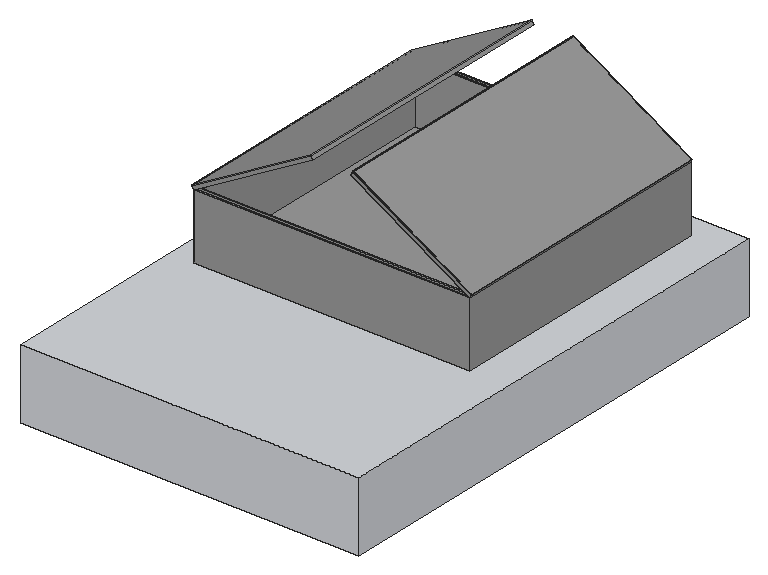
Revit family "Hager-Orion_Inox-IP55-D300-Cl.I-Inox_encl-630A-1200mm-CH-fr", category Equipement électrique, Revit 2020
Family settings
  Hôte = Face
  Configuration du panneau = Deux colonnes, circuits au sein
  Cote de connecteur circulaire = Utiliser le diamètre
  Type d'élément = Tableau de raccordement
  Couper avec des vides une fois chargée = Non
  Partagée = Non
  Point de calcul de pièce = Non
Parameters (values of type "saillie IP55 L1200 H1200 P300  - FL060BWL")
  Width Control [instance] = if([EF000008 - largeur] > Min Width, [EF000008 - largeur], Min Width)  # 1200 mm
  Commentaires du type = [HG000003 - Gamme]  # "Orion Inox"
  Thickness Door [instance] = if([EF009171 - épaisseur de matériau de la porte/du couvercle] > 3 mm, 3 mm, [EF009171 - épaisseur de matériau de la porte/du couvercle])  # 1.5 mm
  Seal Frame Offset [instance] = 17 mm  # constant formula
  Model = ""
  Min Width [instance] = 100 mm  # constant formula
  Min Height [instance] = 100 mm  # constant formula
  Min Depth [instance] = (2 * [EF009170 - épaisseur de matériau du boîtier]) + 1 mm  # 4 mm
  Internal Frame Depth [instance] = (Door System Depth * 0.5)  # 9 mm
  Height Control [instance] = if([EF000040 - hauteur] > Min Height, [EF000040 - hauteur], Min Height)  # 1200 mm
  HG000027 - Hauteur du socle = 0 mm
  HG000026 - Installation au sol = no
  HG000024 - Hauteur de la section basse = 800 mm
  HG000023 - Armoire double section = no
  HG000016 - Visibilité de la porte 3D [instance] = yes
  HG000015 - Visibilité de l'emprise de la porte [instance] = no
  HG000014 - Porte à droite [instance] = yes
  HG000013 - Porte à gauche [instance] = not([HG000014 - Porte à droite])  # no
  HG000012 - Angle de pivotement de la porte [instance] = 30.00°
  HG000010 - Portes asymétriques = no
  HG000009 - Porte à double battant = yes
  HG000006 - Encastré = no
  HG000004 - Référence fabricant = "FL060BWL"
  HG000003 - Gamme = "Orion Inox"
  HG000002 - avec porte = yes
  Frame Offset Bottom [instance] = 10 mm  # constant formula
  Frame Offset [instance] = 15 mm  # constant formula
  EF015940 - couvercle avec décharge de pression = no
  EF011959 - degré de protection (NEMA) = ""
  EF009554 - nombre d'ouvertures pour plaques à bride = 0
  Fabricant = "Hager"  # constant formula
  EF009212 - finition du couvercle = "EV000116 - fermé"
  EF009171 - épaisseur de matériau de la porte/du couvercle = 1.5 mm
  EF009170 - épaisseur de matériau du boîtier = 1.5 mm
  EF008873 - courant nominal (In) = 630 A
  EF007800 - adapté à un parafoudre = no
  EF006306 - avec serrure = yes
  EF006244 - couvercle/porte transparent(e) = no
  EF005474 - indice de protection (IP) = "EV006420 - IP55"
  EF004464 - type de porte = "EV003602 - double"
  EF004427 - nombre de modules = 0
  EF004293 - indice de protection contre les chocs (IK) = "EV008784 - IK10"
  EF003532 - convient pour utilisation à l’extérieur = yes
  EF002950 - largeur en nombre de modules = 0
  EF001613 - maintien de fonction = "EV000494 - sans"
  EF001596 - matériau du boîtier/corps = "EV000166 - acier inoxydable"
  EF001131 - profondeur intérieure = 266 mm
  EF001088 - possibilité de montage en saillie = yes
  EF000437 - nombre d'entrées de conduit = 0
  EF000339 - type de capot = "EV004216 - porte"
  EF000266 - nombre de rangées = 0
  EF000218 - profondeur d'encastrement = 0 mm
  EF000118 - avec cadre/support de montage = no
  EF000116 - numéro RAL = ""
  EF000049 - profondeur = 300 mm
  EF000040 - hauteur = 1200 mm
  EF000008 - largeur = 1200 mm
  EF000007 - couleur = "EV000154 - autre"
  EF000003 - mode de pose = "EV000384 - saillie"
  Door System Leaf Tolerance [instance] = 1.5 mm  # constant formula
  Door System Depth [instance] = 18 mm  # constant formula
  Depth Control [instance] = if([EF000049 - profondeur] > Min Depth, [EF000049 - profondeur], Min Depth)  # 300 mm
  Default Elevation = 0 mm
Types (4, lengths in mm): name | Width Control | HG000004 - Référence fabricant | EF000008 - largeur
  saillie IP55 L1000 H1200 P300  - FL058BW | 1000 | "FL058BW" | 1000
  saillie IP55 L1000 H1200 P300  - FL058BWL | 1000 | "FL058BWL" | 1000
  saillie IP55 L1200 H1200 P300  - FL060BW | 1200 | "FL060BW" | 1200
  saillie IP55 L1200 H1200 P300  - FL060BWL | 1200 | "FL060BWL" | 1200
Reference planes
  plane 1 "Center (Front/Back)": y = 0
  plane 2: z = 0
  plane 3 "Center (Left/Right)": x = 0
  plane 4: z = 300
  plane 5: y = 1.5
  plane 6: y = 600
  plane 7: y = 0
  plane 8: y = 1200
  plane 9: z = 0
  plane 10: x = -585
  plane 11: x = 585
  plane 12: x = 583.5
  plane 13: x = -583.5
  plane 14: y = 1198.5
  plane 15: x = -583
  plane 16: x = -600
  plane 17: x = 583
  plane 18: x = 600
  plane 19: x = 598.5
  plane 20: x = -598.5
  plane 21: y = 11.5
  plane 22: y = 1200
  plane 23: y = 1183.5
  plane 24: z = 282
  plane 25: z = 1.5
  plane 26: z = 280.5
  plane 27: z = 298.5
Forms (mm)
  Extrusion 1, solid
    sketch origin (0, 0, 0) x (1, 0, 0) y (0, 1, 0)
      loop
        line (-702.964, 1305) -> (-702.964, -811.445) -> (766.763, -811.445) -> (766.763, 1305) -> (-702.964, 1305)
    from 0 to -304.8
  Extrusion 2, solid, material "Hager_Stainless_Steel", detail levels medium+fine
    sketch origin (0, 0, 0) x (1, 0, 0) y (0, 1, 0)
      loop
        line (-600, 0) -> (600, 0) -> (600, 1200) -> (-600, 1200) -> (-600, 0)
    from 0 to 282
  Extrusion 3, solid, material "Hager_Steel_RAL 7035_Light_Grey", not visible, detail levels medium+fine
    sketch origin (0, 28.16, 50.802) x (0, 1, 0) y (0, 0, 1)
      loop
        line (623.34, -50.802) -> (623.34, 237.698)
        arc (623.34, 237.698) -> (620.411, 244.769) -> (613.34, 247.698) r 10
        line (613.34, 247.698) -> (583.34, 247.698) -> (583.34, -50.802) -> (623.34, -50.802)
    from -598.5 to 598.5
  Extrusion 4, void
    sketch origin (0, 0, 0) x (1, 0, 0) y (0, 1, 0)
      loop
        line (-598.5, 1.5) -> (598.5, 1.5) -> (598.5, 1198.5) -> (-598.5, 1198.5) -> (-598.5, 1.5)
    from 1.5 to 280.5
  Extrusion 5, void
    sketch origin (-381.607, -4572, 282) x (0, -1, 0) y (-1, 0, 0)
      loop
        line (-4583.5, 201.893) -> (-5755.5, 201.893) -> (-5755.5, -965.107) -> (-4583.5, -965.107) -> (-4583.5, 201.893)
    from 0 to 1.5 <- "EF009170 - épaisseur de matériau du boîtier"
  Extrusion 6, solid, material "Hager_Stainless_Steel", detail levels fine
    sketch origin (-381.607, -4572, 282) x (-1, 0, 0) y (0, -1, 0)
      loop
        line (201.893, -4583.5) -> (-965.107, -4583.5) -> (-965.107, -5755.5) -> (201.893, -5755.5) -> (201.893, -4583.5)
      loop
        line (202.893, -4582) -> (-966.107, -4582) -> (-966.107, -5757) -> (202.893, -5757) -> (202.893, -4582)
    from 0 to 9 <- "Internal Frame Depth"
  Extrusion 7, solid, material "Hager_Stainless_Steel", detail levels coarse
    sketch origin (0, 0, 0) x (1, 0, 0) y (0, 1, 0)
      loop
        line (-600, 0) -> (600, 0) -> (600, 1200) -> (-600, 1200) -> (-600, 0)
    from 0 to 300
Cuts and joins
  Extrusion 4, Extrusion 5 cuts Extrusion 2
Lines and regions (mm)
  Masking region 1
    outline origin (0, 0, 0) x (1, 0, 0) y (0, 0, 1)
      loop
        line (-600, 300) -> (-600, 0) -> (600, 0) -> (600, 300) -> (-600, 300)
  Masking region 2, detail levels medium+fine
    outline origin (0, 140, 0) x (0, 1, 0) y (0, 0, 1)
      loop
        line (-140, 0) -> (1060, 0) -> (1060, 282) -> (-140, 282) -> (-140, 0)
  Masking region 3, not visible, detail levels medium+fine
    outline origin (0, 297.922, 0) x (0, 1, 0) y (0, 0, 1)
      loop
        line (313.578, 0) -> (353.578, 0) -> (353.578, 288.5)
        arc (353.578, 288.5) -> (350.649, 295.571) -> (343.578, 298.5) r 10
        line (343.578, 298.5) -> (313.578, 298.5) -> (313.578, 0)
  Masking region 4, detail levels coarse
    outline origin (0, 0, 180) x (0, 1, 0) y (0, 0, 1)
      loop
        line (0, -180) -> (1200, -180) -> (1200, 120) -> (0, 120) -> (0, -180)
  Masking region 5
    outline origin (-381.607, -4572, 282) x (-1, 0, 0) y (0, -1, 0)
      loop
        line (218.393, -5772) -> (218.393, -4572) -> (-981.607, -4572) -> (-981.607, -5772) -> (218.393, -5772)
Dimensions and locks
  "Depth Control": plane 4 to Extrusion 1
  "EF009170 - épaisseur de matériau du boîtier": plane 5 to plane 7
  locked: connector elem to plane 3 "Center (Left/Right)"
  equal spacing: plane 8, plane 6, plane 7
  locked: connector elem to plane 6
  "EF009170 - épaisseur de matériau du boîtier": plane 8 to plane 14
  "EF009170 - épaisseur de matériau du boîtier": plane 10 to plane 13
  "EF009170 - épaisseur de matériau du boîtier": plane 12 to plane 11
  "Frame Offset": plane 20 to plane 13
  "Frame Offset": plane 12 to plane 19
  "EF009170 - épaisseur de matériau du boîtier": plane 16 to plane 20
  "EF009170 - épaisseur de matériau du boîtier": plane 19 to plane 18
  "Seal Frame Offset": plane 16 to plane 15
  "Seal Frame Offset": plane 17 to plane 18
  "Frame Offset Bottom": plane 21 to plane 5
  "Frame Offset": plane 14 to plane 23
  equal spacing: plane 16, plane 3 "Center (Left/Right)", plane 18
  "Width Control": plane 16 to plane 18
  "EF009170 - épaisseur de matériau du boîtier": plane 4 to plane 27
  "EF009170 - épaisseur de matériau du boîtier": plane 24 to plane 26
  "EF009170 - épaisseur de matériau du boîtier": plane 25 to level
  "Door System Depth": plane 4 to plane 24
  "Height Control": plane 1 "Center (Front/Back)" to Extrusion 7 sketch curve
  "Height Control": Masking region 4 sketch curve to plane 1 "Center (Front/Back)"
  "Thickness Door": Extrusion 6 sketch curve to plane 15
  "Thickness Door": plane 21 to Extrusion 6 sketch curve
  "Thickness Door": plane 17 to Extrusion 6 sketch curve
  "Thickness Door": Extrusion 6 sketch curve to plane 23
  "Height Control": plane 1 "Center (Front/Back)" to plane 22
  radius of Masking region 3 sketch curve = 10 mm
  radius of Extrusion 3 sketch curve = 10 mm
  aligned and locked: plane 2 to Extrusion 1
  aligned and locked: level to Extrusion 1
  aligned and locked: level to Masking region 1 sketch curve
  aligned and locked: Masking region 1 sketch curve to plane 18
  aligned and locked: Masking region 1 sketch curve to plane 16
  aligned and locked: plane 7 to Masking region 2 sketch curve
  aligned and locked: level to Masking region 3 sketch curve
  aligned and locked: Masking region 3 sketch curve to plane 27
  aligned and locked: level to Masking region 2 sketch curve
  aligned and locked: Extrusion 2 sketch curve to plane 7
  aligned and locked: plane 16 to Extrusion 2 sketch curve
  aligned and locked: plane 18 to Extrusion 2 sketch curve
  aligned and locked: Extrusion 3 sketch curve to level
  aligned and locked: plane 27 to Extrusion 3 sketch curve
  aligned and locked: plane 20 to Extrusion 3
  aligned and locked: plane 19 to Extrusion 3
  aligned and locked: plane 20 to Extrusion 4 sketch curve
  aligned and locked: plane 19 to Extrusion 4 sketch curve
  aligned and locked: Extrusion 4 sketch curve to plane 5
  aligned and locked: Extrusion 4 to plane 25
  aligned and locked: plane 26 to Extrusion 4
  aligned and locked: plane 24 to Extrusion 2
  aligned and locked: Extrusion 5 sketch curve to plane 21
  aligned and locked: Extrusion 5 sketch curve to plane 13
  aligned and locked: Extrusion 5 sketch curve to plane 12
  aligned and locked: plane 18 to Extrusion 7 sketch curve
  aligned and locked: plane 1 "Center (Front/Back)" to Extrusion 7 sketch curve
  aligned and locked: plane 16 to Extrusion 7 sketch curve
  aligned and locked: plane 4 to Extrusion 7
  aligned and locked: Extrusion 7 to level
  aligned and locked: level to Masking region 4 sketch curve
  aligned and locked: Masking region 4 sketch curve to plane 1 "Center (Front/Back)"
  aligned and locked: Masking region 4 sketch curve to plane 4
  aligned and locked: nested 1 to level
  aligned and locked: nested 1 to plane 16
  aligned and locked: Extrusion 2 sketch curve to plane 8
  aligned and locked: Extrusion 5 sketch curve to plane 23
  aligned and locked: Extrusion 4 sketch curve to plane 14
  aligned and locked: Extrusion 6 sketch curve to plane 21
  aligned and locked: plane 13 to Extrusion 6 sketch curve
  aligned and locked: Extrusion 6 sketch curve to plane 23
  aligned and locked: plane 12 to Extrusion 6 sketch curve
  aligned and locked: Masking region 2 sketch curve to plane 8
  aligned and locked: Masking region 2 sketch curve to plane 24
  aligned and locked: nested 2 to plane 3 "Center (Left/Right)"
  aligned and locked: nested 2 to plane 24
  aligned and locked: Masking region 5 sketch curve to plane 1 "Center (Front/Back)"
  aligned and locked: Masking region 5 sketch curve to plane 18
  aligned and locked: Masking region 5 sketch curve to plane 22
  aligned and locked: Masking region 5 sketch curve to plane 16
  aligned and locked: plane 8 to plane 22
  aligned and locked: plane 7 to plane 1 "Center (Front/Back)"
  aligned and locked: nested 2 to plane 1 "Center (Front/Back)"
Automatic sketch dimensions
  Extrusion 1 sketch curve to Extrusion 1 sketch curve = 1469.727 mm
  Extrusion 1 sketch curve to Extrusion 1 sketch curve = 2116.445 mm
  plane 6 to Masking region 3 sketch curve = 11.5 mm
  Masking region 3 sketch curve to Masking region 3 sketch curve = 30 mm
  plane 6 to Extrusion 3 sketch curve = 11.5 mm
  Extrusion 3 sketch curve to Extrusion 3 sketch curve = 30 mm
  Masking region 1 sketch curve to plane 4 = 0 mm
Nested families
  nested 1: "Hager_Enclosure_Symbol" at (-600, 0, 0) x (1, 0, 0) z (0, -1, 0), Height <- "Depth Control", Width <- "Width Control", type "Hager_Enclosure_Symbol"
    with Width_Ctrl 1200 mm, Width 1200 mm, Height_Ctrl 300 mm, Height 300 mm, A_Width_Int 19.688 mm, A_Width 236.25 mm, A_Height_Ctrl 262.5 mm, A_Height 262.5 mm
  nested 2: "EC000058_OrionInox_Door" at (0, 1200, 282) x (1, 0, 0) z (0, -1, 0), Leaf_Tolerance <- "Door System Leaf Tolerance", Angle <- "HG000012 - Angle de pivotement de la porte", Door_Depth <- "Door System Depth", Door_Left <- "HG000013 - Porte à gauche", Transparent <- "EF006244 - couvercle/porte transparent(e)", Assymetrical <- "HG000010 - Portes asymétriques", Width <- "Width Control", Clearance <- "HG000015 - Visibilité de l'emprise de la porte", Double <- "HG000009 - Porte à double battant", 3d_Door <- "HG000016 - Visibilité de la porte 3D", Width_Ctrl <- "Width Control", Door_Right <- "HG000014 - Porte à droite", Door <- "HG000002 - avec porte", Height <- "Height Control", Thickness <- "Thickness Door", type "EC000058_OrionInox_Door", detail levels medium+fine
    with min_wh 4 mm, Width_Ctrl 1200 mm, Width 1200 mm, Transparent no, Thickness 1.5 mm, Seal_Material Hager_Rubber, Leaf_Width 1200 mm, Leaf_Tolerance_External_Sides 0 mm, Leaf_Tolerance 1.5 mm, Leaf_Offset 0 mm, Leaf_Height 1197 mm, Leaf_2_Width 598.5 mm, Leaf_2_Offset 300 mm, Leaf_1_Width 598.5 mm, Leaf_1_Offset 300 mm, Height_Ctrl 1200 mm, Height 1200 mm, Glass_Material Hager_Glass, Double_Clearance_Ctrl no, Double yes, Door_Right_Ctrl yes, Door_Right yes, Door_Material Hager_Stainless_Steel, Door_Left_Ctrl yes, Door_Left no, Door_Depth 18 mm, Door yes, Clearance_Material Hager_Clearance, Clearance_Depth 598.5 mm, Clearance_Ctrl no, Clearance no, Assymetrical no, Angle 30.00°, 3d_Door yes
Connectors
  electrical at (0, 600, 0)
    settings: on plane 9, index 1, voltage 0 V, apparent load 0 VA, apparent load phase1 0 VA, apparent load phase2 0 VA, apparent load phase3 0 VA, power factor 1, load classification "Other", number of poles 1, system type 30, power factor state 1, is connector primary yes, connector utility no, sub classification motor no, connector description ""
Definition of nested family "EC000058_OrionInox_Door"
  Parameters (values of type "EC000058_OrionInox_Door")
    min_wh [instance] = (2 * Thickness) + 1 mm  # 11 mm
    Width_Ctrl [instance] = 400 mm
    Width [instance] = 500 mm
    Transparent [instance] = yes
    Thickness [instance] = 5 mm
    Seal_Material [instance] = none
    Leaf_Width [instance] = if((Width_Ctrl - 2 * Leaf_Tolerance_External_Sides) > 0 mm, (Width_Ctrl - 2 * Leaf_Tolerance_External_Sides), min_wh)  # 400 mm
    Leaf_Tolerance_External_Sides [instance] = 0 mm  # constant formula
    Leaf_Tolerance [instance] = 1.5 mm
    Leaf_Offset [instance] = 0 mm  # constant formula
    Leaf_Height [instance] = if((Height_Ctrl - 2 * Leaf_Tolerance) > 0 mm, (Height_Ctrl - 2 * Leaf_Tolerance), min_wh)  # 497 mm
    Leaf_2_Width [instance] = if(and(and(Double, Assymetrical), Door_Left), (Leaf_Width / 3) - (Leaf_Tolerance / 2), if(and(and(Double, Assymetrical), Door_Right), (Leaf_Width / 3) * 2 - (Leaf_Tolerance / 2), if(and(Double, not(Assymetrical)), (Leaf_Width / 2) - Leaf_Tolerance, Leaf_Width)))  # 400 mm
    Leaf_2_Offset [instance] = if(and(Double, Assymetrical), Leaf_2_Width / 2, if(and(Double, not(Assymetrical)), Leaf_Width / 4, Leaf_Width / 2))  # 200 mm
    Leaf_1_Width [instance] = if(and(and(Double, Assymetrical), Door_Right), (Leaf_Width / 3) - (Leaf_Tolerance / 2), if(and(and(Double, Assymetrical), Door_Left), (Width / 3) * 2 - (Leaf_Tolerance / 2), if(and(Double, not(Assymetrical)), (Leaf_Width / 2) - Leaf_Tolerance, Leaf_Width)))  # 400 mm
    Leaf_1_Offset [instance] = if(and(Double, Assymetrical), Leaf_1_Width / 2, if(and(Double, not(Assymetrical)), Leaf_Width / 4, Leaf_Width / 2))  # 200 mm
    Height_Ctrl [instance] = if(Height > min_wh, Height, min_wh)  # 500 mm
    Height [instance] = 500 mm
    Glass_Material [instance] = none
    Double_Clearance_Ctrl [instance] = and(Double, Clearance)  # no
    Double [instance] = no
    Door_Right_Ctrl [instance] = and(or(Door_Right, Double), Door)  # yes
    Door_Right [instance] = yes
    Door_Material [instance] = none
    Door_Left_Ctrl [instance] = and(or(Door_Left, Double), Door)  # no
    Door_Left [instance] = no
    Door_Depth [instance] = 30 mm
    Door [instance] = yes
    Default Elevation = 1219.2 mm
    Clearance_Material [instance] = none
    Clearance_Depth [instance] = if(Leaf_1_Width > Leaf_2_Width, Leaf_1_Width, Leaf_2_Width)  # 400 mm
    Clearance_Ctrl [instance] = and(not(Double), Clearance)  # yes
    Clearance [instance] = yes
    Assymetrical [instance] = yes
    Angle [instance] = 30.00°
    3d_Door [instance] = yes
  Reference planes
    plane 1 "Center (Front/Back)": y = 0
    plane 2 "Bottom": z = 0
    plane 3 "Center (Left/Right)": x = 0
    plane 4: z = 500
    plane 5: x = -200
    plane 6: x = 200
    plane 7: z = 500
    plane 8: x = -200
    plane 9: z = 0
    plane 10: x = 200
    plane 11: y = 0
    plane 12: z = 1.5
    plane 13: x = -600
    plane 14: y = -400
    plane 15: x = 600
    plane 16: x = 0
    plane 17: x = 0
    plane 18: x = -200
    plane 19: x = 200
    plane 20: z = 498.5
  Forms (mm)
    Extrusion 1, solid, material <- "Clearance_Material", visible <- "Double_Clearance_Ctrl"
      sketch origin (1200, 0, 0) x (1, 0, 0) y (0, 0, -1)
        loop
          line (-1800, -498.5) -> (-600, -498.5) -> (-600, 0) -> (-1800, 0) -> (-1800, -498.5)
      from 0 to -400
  Dimensions and locks
    equal spacing: plane 5, plane 3 "Center (Left/Right)", plane 6
    "Width_Ctrl": plane 5 to plane 6
    "Leaf_Offset": plane 5 to plane 8
    "Leaf_Offset": plane 6 to plane 10
    "Leaf_Offset": plane 9 to level
    "Leaf_Offset": plane 4 to plane 7
    "Height_Ctrl": plane 4 to level
    "Leaf_Tolerance": plane 12 to plane 9
    locked: plane 11 to plane 1 "Center (Front/Back)"
    "Leaf_1_Offset": plane 18 to plane 16
    "Leaf_2_Offset": plane 17 to plane 19
    "Leaf_1_Width": plane 13 to plane 8
    "Leaf_2_Width": plane 10 to plane 15
    "Clearance_Depth": plane 14 to plane 1 "Center (Front/Back)"
    "Leaf_Tolerance_External_Sides": plane 8 to plane 18
    "Leaf_Tolerance_External_Sides": plane 19 to plane 10
    "Leaf_Tolerance": plane 7 to plane 20
    aligned and locked: level to plane 2 "Bottom"
    aligned and locked: nested 1 to plane 16
    aligned and locked: nested 2 to plane 17
    aligned and locked: Extrusion 1 to plane 13
    aligned and locked: plane 15 to Extrusion 1
    aligned and locked: Extrusion 1 to plane 14
    aligned and locked: plane 12 to nested 1
    aligned and locked: nested 2 to plane 12
    aligned and locked: Extrusion 1 to plane 11
    aligned and locked: plane 20 to Extrusion 1
    aligned and locked: nested 2 to plane 11
    aligned and locked: nested 1 to plane 11
  Automatic sketch dimensions
    Extrusion 1 sketch curve to level = 0 mm
    plane 5 to Extrusion 1 sketch curve = 400 mm
    plane 6 to Extrusion 1 sketch curve = 400 mm
    Extrusion 1 sketch curve to plane 4 = 1.5 mm
  Nested families
    nested 1: "EC000058_OrionInox_Door_Leaf" at (0, 0, 1.5), Width <- "Leaf_1_Width", visible <- "Door_Left_Ctrl", Leaf_Height <- "Leaf_Height", Angle <- "Angle", 3d_Door <- "3d_Door", Transparent <- "Transparent", Clearance Material <- "Clearance_Material", Clearance <- "Clearance_Ctrl", Door_Material <- "Door_Material", Glass_Material <- "Glass_Material", Door_Depth <- "Door_Depth", Seal_Material <- "Seal_Material", Thickness <- "Thickness", type "EC000058_OrionInox_Door_Leaf"
      with Width 400 mm, Transparent_Ctrl yes, Transparent yes, Thickness 5 mm, Standard no, Seal_Material none, Seal_D2 8 mm, Seal_D1 1 mm, Offset_Internal_Frame 10 mm, Lock_Width 28 mm, Lock_Thickness 2 mm, Lock_Radius 6 mm, Leaf_Height 497 mm, Internal_Seal_Thickness 8 mm, Internal_Seal_Depth_2 4.5 mm, Internal_Frame_Depth 25 mm, Glass_Thickness -1 mm, Glass_Offset -2 mm, Glass_Material none, Door_Material none, Door_Depth 30 mm, Clearance Material none, Clearance yes, Angle_Ctrl 30.00°, Angle 30.00°, 3d_Door yes
    nested 2: "EC000058_OrionInox_Door_Leaf" at (0, 0, 1.5) x (-1, 0, 0) z (0, 0, 1), Width <- "Leaf_2_Width", visible <- "Door_Right_Ctrl", Leaf_Height <- "Leaf_Height", Angle <- "Angle", 3d_Door <- "3d_Door", Transparent <- "Transparent", Clearance Material <- "Clearance_Material", Clearance <- "Clearance_Ctrl", Door_Material <- "Door_Material", Glass_Material <- "Glass_Material", Door_Depth <- "Door_Depth", Seal_Material <- "Seal_Material", Thickness <- "Thickness", type "EC000058_OrionInox_Door_Leaf"
      with Width 400 mm, Transparent_Ctrl yes, Transparent yes, Thickness 5 mm, Standard no, Seal_Material none, Seal_D2 8 mm, Seal_D1 1 mm, Offset_Internal_Frame 10 mm, Lock_Width 28 mm, Lock_Thickness 2 mm, Lock_Radius 6 mm, Leaf_Height 497 mm, Internal_Seal_Thickness 8 mm, Internal_Seal_Depth_2 4.5 mm, Internal_Frame_Depth 25 mm, Glass_Thickness -1 mm, Glass_Offset -2 mm, Glass_Material none, Door_Material none, Door_Depth 30 mm, Clearance Material none, Clearance yes, Angle_Ctrl 30.00°, Angle 30.00°, 3d_Door yes
  Definition of nested family "EC000058_OrionInox_Door_Leaf"
    Parameters (values of type "EC000058_OrionInox_Door_Leaf")
      Width [instance] = 450 mm
      Transparent_Ctrl [instance] = and(Transparent, [3d_Door])  # yes
      Transparent [instance] = yes
      Thickness [instance] = 5 mm
      Standard [instance] = and(not(Transparent), [3d_Door])  # no
      Seal_Material [instance] = none
      Seal_D2 [instance] = 8 mm  # constant formula
      Seal_D1 [instance] = 1 mm  # constant formula
      Offset_Internal_Frame [instance] = 10 mm  # constant formula
      Lock_Width [instance] = Door_Depth - Lock_Thickness  # 28 mm
      Lock_Thickness [instance] = 2 mm  # constant formula
      Lock_Radius [instance] = 6 mm  # constant formula
      Leaf_Height [instance] = 450 mm
      Internal_Seal_Thickness [instance] = 8 mm  # constant formula
      Internal_Seal_Depth_2 [instance] = 4.5 mm  # constant formula
      Internal_Frame_Depth [instance] = if(Door_Depth - Thickness > 5 mm, Door_Depth - Thickness, 5 mm)  # 25 mm
      Glass_Thickness [instance] = if(Thickness > 15 mm, Glass_Offset + 10 mm, -1 mm)  # -1 mm
      Glass_Offset [instance] = if(Thickness > 15 mm, -(Thickness + 10 mm) / 2, -2 mm)  # -2 mm
      Glass_Material [instance] = none
      Door_Material [instance] = none
      Door_Depth [instance] = 30 mm
      Default Elevation = 0 mm
      Clearance Material [instance] = none
      Clearance [instance] = yes
      Angle_Ctrl [instance] = if(Angle > 180.00°, 180.00°, Angle)  # 90.00°
      Angle [instance] = 90.00°
      3d_Door [instance] = yes
    Reference planes
      plane 1 "Center (Front/Back)": y = 0
      plane 2: z = 0
      plane 3 "Center (Left/Right)": x = 0
      plane 4: y = 450
      plane 5: x = -225
      plane 6: x = 225
      plane 7: x = -675
      plane 8: z = 450
      plane 9: z = 30
      plane 10: z = 420
      plane 11: x = 195
      plane 12: x = -195
      plane 13: y = -3
      plane 14: z = 107.833
      plane 15: y = -5
      plane 16: y = -223.314
      plane 17: x = -225
      plane 18: y = 30
    Forms (mm)
      Extrusion 1, solid, material <- "Clearance Material", visible <- "Clearance"
        sketch origin (0, 0, 0) x (1, 0, 0) y (0, 0, 1)
          loop
            line (-675, 450) -> (-675, 0) -> (225, 0) -> (225, 450) -> (-675, 450)
        from 0 to -450
      Extrusion 2, solid, material <- "Door_Material", visible <- "Standard", detail levels medium+fine
        sketch origin (-225, 0, 0) x (0, 1, 0) y (-1, 0, 0)
          loop
            line (0, 30) -> (0, 25) -> (450, 25) -> (450, 30) -> (0, 30)
        from 0 to 450 <- "Leaf_Height"
      Extrusion 3, solid, material <- "Door_Material", visible <- "Transparent_Ctrl", detail levels medium+fine
        sketch origin (-225, 0, 0) x (0, 1, 0) y (-1, 0, 0)
          loop
            line (0, 25) -> (450, 25) -> (450, 30) -> (0, 30) -> (0, 25)
        from 0 to 450 <- "Leaf_Height"
      Extrusion 4, void
        sketch origin (-250, 450, 0) x (0, 1, 0) y (0, 0, -1)
          loop
            line (-30, -420) -> (-30, -30) -> (-420, -30) -> (-420, -420) -> (-30, -420)
        from 0 to 5 <- "Thickness"
      Sweep 5, solid, material <- "Seal_Material", visible <- "Transparent_Ctrl", detail levels fine
        path in 3D
          loop
            line (-250, 30, 30) -> (-250, 30, 420) -> (-250, 420, 420) -> (-250, 420, 30) -> (-250, 30, 30)
        profile origin (-250, 225, 30) x (1, 0, 0) y (0, 0, 1)
          loop
            line (0, 0) -> (0, -8) -> (1, -8) -> (1, 0) -> (0, 0)
      Extrusion 6, solid, material <- "Glass_Material", visible <- "Transparent_Ctrl", detail levels medium+fine
        sketch origin (-255, 0, 0) x (0, 1, 0) y (0, 0, -1)
          loop
            line (420, -420) -> (420, -30) -> (30, -30) -> (30, -420) -> (420, -420)
        from -2 <- "Glass_Offset" to -1 <- "Glass_Thickness"
      Extrusion 7, solid, material <- "Door_Material", visible <- "3d_Door", detail levels medium+fine
        sketch origin (-250, 450, 0) x (0, -1, 0) y (0, 0, -1)
          loop
            line (0, -450) -> (450, -450) -> (450, 0) -> (0, 0) -> (0, -450)
          loop
            line (445, -5) -> (5, -5) -> (5, -445) -> (445, -445) -> (445, -5)
        from 0 to 25 <- "Internal_Frame_Depth"
      Sweep 8, solid, material <- "Seal_Material", visible <- "Transparent_Ctrl", detail levels fine
        path in 3D
          loop
            line (-250, 0, 0) -> (-250, 450, 0) -> (-250, 450, 450) -> (-250, 0, 450) -> (-250, 0, 0)
        profile origin (-250, 0, 225) x (1, 0, 0) y (0, 1, 0)
          loop
            line (0, 10) -> (2.975, 10)
            arc (2.975, 10) -> (4.053, 10.447) -> (4.5, 11.525) r 1.525
            line (4.5, 11.525) -> (4.5, 16.527)
            arc (4.5, 16.527) -> (4.069, 17.569) -> (3.027, 18) r 1.473
            line (3.027, 18) -> (0, 18) -> (0, 10)
    Cuts and joins
      Extrusion 4 cuts Extrusion 3
    Lines and regions (mm)
      Masking region 1, detail levels medium+fine
        outline origin (0, 0, 0) x (0, 1, 0) y (0, 0, 1)
          loop
            line (0, 0) -> (30, 0) -> (30, 450) -> (0, 450) -> (0, 0)
      Masking region 2, detail levels medium+fine
        outline origin (0, 0, 0) x (1, 0, 0) y (0, 0, 1)
          loop
            line (-225, 450) -> (-225, 0) -> (225, 0) -> (225, 450) -> (-225, 450)
      symbolic lines
        curve 1: line (225, 0, 0) -> (-675, 0, 0)
        curve 2: arc (225, 0, 0) -> (-225, 450, 0) -> (-675, 0, 0) r 450
        curve 4: line (-255, 0, 0) -> (-255, 450, 0)
      reference lines
        curve 3: line (-225, 0, 0) -> (-225, 450, 0)
      symbolic lines, detail levels medium+fine
        curve 5: line (-255, 450, 0) -> (-250, 450, 0)
        curve 7: line (-250, 0, 0) -> (-255, 0, 0)
        curve 8: line (-250, 0, 0) -> (-225, 0, 0)
        curve 9: line (-225, 0, 0) -> (-225, 450, 0)
        curve 10: line (-225, 450, 0) -> (-250, 450, 0)
      symbolic lines, detail levels fine
        curve 6: line (-250, 450, 0) -> (-250, 0, 0)
      sketch lines
        curve 11: line (-250, 0, 450) -> (-250, 0, 0)
        curve 12: line (-250, 450, 0) -> (-250, 0, 0)
        curve 13: line (-250, 450, 450) -> (-250, 450, 0)
        curve 14: line (-250, 0, 450) -> (-250, 450, 450)
        curve 15: line (-250, 420, 30) -> (-250, 30, 30)
        curve 16: line (-250, 30, 30) -> (-250, 30, 420)
        curve 17: line (-250, 420, 420) -> (-250, 420, 30)
        curve 18: line (-250, 30, 420) -> (-250, 420, 420)
      symbolic lines, visible <- "Transparent", detail levels medium+fine
        curve 19: line (-195, 0, 420) -> (195, 0, 420)
        curve 20: line (-195, 0, 30) -> (-195, 0, 420)
        curve 21: line (195, 0, 30) -> (-195, 0, 30)
        curve 22: line (195, 0, 420) -> (195, 0, 30)
    Dimensions and locks
      "Width": plane 1 "Center (Front/Back)" to plane 4
      equal spacing: plane 5, plane 3 "Center (Left/Right)", plane 6
      "Width": plane 5 to plane 6
      "Width": plane 7 to plane 5
      "Leaf_Height": plane 8 to level
      "Width": curve 5 to curve 3
      "Width": curve 3 to curve 3
      plane 8 to plane 10 = 30 mm
      plane 9 to level = 30 mm
      plane 12 to plane 5 = 30 mm
      plane 6 to plane 11 = 30 mm
      Extrusion 4 sketch curve to Extrusion 3 = 30 mm
      Extrusion 3 to Extrusion 4 sketch curve = 30 mm
      Extrusion 1 to Extrusion 4 sketch curve = 30 mm
      curve 3 to Extrusion 4 sketch curve = 30 mm
      Extrusion 4 sketch curve to cut or joined group of Extrusion 3, Extrusion 4 = 30 mm
      cut or joined group of Extrusion 3, Extrusion 4 to Extrusion 6 sketch curve = 30 mm
      cut or joined group of Extrusion 3, Extrusion 4 to Extrusion 4 sketch curve = 30 mm
      "Thickness": curve 6 to curve 4
      "Thickness": Extrusion 7 sketch curve to Extrusion 7 sketch curve  (x4)
      "Door_Depth": curve 4 to curve 3
      "Offset_Internal_Frame": profile plane to Sweep 8 sketch curve
      "Internal_Seal_Thickness": Sweep 8 sketch curve to Sweep 8 sketch curve
      "Internal_Seal_Depth_2": profile plane to Sweep 8 sketch curve
      "Seal_D1": profile plane to Sweep 5 sketch curve
      "Seal_D2": profile plane to Sweep 5 sketch curve
      "Thickness": Extrusion 2 sketch curve to Extrusion 2 sketch curve
      "Door_Depth": plane 18 to plane 1 "Center (Front/Back)"
      radius of Sweep 8 sketch curve = 1.525 mm
      radius of Sweep 8 sketch curve = 1.473 mm
      "Angle_Ctrl": angle plane 1 "Center (Front/Back)" to curve 3
      aligned and locked: level to plane 2
      aligned and locked: Extrusion 1 to curve 1
      aligned and locked: plane 6 to Extrusion 1
      aligned and locked: plane 1 "Center (Front/Back)" to Extrusion 1
      aligned and locked: plane 4 to Extrusion 1
      aligned and locked: plane 8 to Extrusion 1
      aligned and locked: curve 7 to Extrusion 2 sketch curve
      aligned and locked: curve 5 to Extrusion 2 sketch curve
      aligned and locked: curve 7 to Extrusion 3 sketch curve
      aligned and locked: Extrusion 3 sketch curve to curve 4
      aligned and locked: Extrusion 3 sketch curve to curve 6
      aligned and locked: Extrusion 3 sketch curve to curve 5
      aligned and locked: curve 9 to curve 3
      aligned and locked: Extrusion 7 sketch curve to cut or joined group of Extrusion 3, Extrusion 4  (x4)
      aligned and locked: plane 17 to curve 3
      aligned and locked: plane 1 "Center (Front/Back)" to curve 3
      aligned and locked: plane 17 to plane 5
      aligned and locked: Sweep 8 sketch curve to profile plane
      aligned and locked: Sweep 5 sketch curve to profile plane  (x2)
      aligned and locked: plane 1 "Center (Front/Back)" to Masking region 1 sketch curve
      aligned and locked: plane 18 to Masking region 1 sketch curve
      aligned and locked: level to Masking region 1 sketch curve
      aligned and locked: Masking region 1 sketch curve to plane 8
      aligned and locked: plane 17 to Masking region 2 sketch curve
      aligned and locked: level to Masking region 2 sketch curve
      aligned and locked: Masking region 2 sketch curve to plane 8
      aligned and locked: plane 12 to curve 20
      aligned and locked: plane 10 to curve 19
      aligned and locked: plane 11 to curve 22
      aligned and locked: plane 9 to curve 21
      aligned and locked: Extrusion 2 sketch curve to cut or joined group of Extrusion 3, Extrusion 4
    Automatic sketch dimensions
      plane 1 "Center (Front/Back)" to curve 2 = 0 mm
      curve 2 to plane 5 = 0 mm
      Extrusion 1 sketch curve to level = 0 mm
      Extrusion 1 sketch curve to plane 7 = 0 mm
      Extrusion 1 sketch curve to plane 6 = 0 mm
      Extrusion 1 sketch curve to plane 8 = 0 mm
      Extrusion 3 to Extrusion 6 sketch curve = 30 mm  (x4)
      Masking region 2 sketch curve to plane 6 = 0 mm
      curve 4 to curve 3 = 0 mm
Definition of nested family "Hager_Enclosure_Symbol"
  Parameters (values of type "Hager_Enclosure_Symbol")
    Width_Ctrl [instance] = if(Width > 1 mm, Width, 1 mm)  # 102.27 mm
    Width [instance] = 102.27 mm
    Height_Ctrl [instance] = if(Height > 1 mm, Height, 1 mm)  # 66.5 mm
    A_Width_Int [instance] = if(A_Width / 12 > 2 mm, A_Width / 12, 2 mm)  # 4.364 mm
    A_Width [instance] = if(A_Height_Ctrl * 0.9 > 2 mm, A_Height_Ctrl * 0.9, 2 mm)  # 52.369 mm
    A_Height_Ctrl [instance] = if(A_Height > 2 mm, A_Height, 2 mm)  # 58.188 mm
    Height [instance] = 66.5 mm
    A_Height [instance] = Height - (Height / 8)  # 58.188 mm
  Reference planes
    plane 1 "Centre (avant/arrière)": y = 0
    plane 2: z = 0
    plane 3 "Centre (gauche/droite)": x = 0
    plane 4: x = 52.369
    plane 5: y = 33.042
    plane 6: y = 41.77
    plane 7: y = 66.5
    plane 8: x = 26.184
    plane 9: y = 37.406
    plane 10: x = 102.27
    plane 11: y = 66.5
    plane 12: y = 8.313
  Lines and regions (mm)
    Filled region 1, type "Solid_Black", in view "Niveau de réf."
      outline origin (0, 0, 0) x (1, 0, 0) y (0, 1, 0)
        loop
          line (52.369, 66.5) -> (33.188, 54.536) -> (45.365, 45.006) -> (52.369, 66.5)
    Filled region 2, type "Solid_Black", in view "Niveau de réf."
      outline origin (0, 0, 0) x (1, 0, 0) y (0, 1, 0)
        loop
          line (0, 0) -> (102.27, 0) -> (102.27, 66.5) -> (0, 0)
    detail lines, in view "Niveau de réf."
      curve 1: line (0, 8.313, 0) -> (26.184, 41.77, 0)
      curve 2: line (26.184, 41.77, 0) -> (26.184, 33.042, 0)
      curve 3: line (26.184, 33.042, 0) -> (52.369, 66.5, 0)
  Dimensions and locks
    "A_Width": plane 3 "Centre (gauche/droite)" to plane 4
    equal spacing: plane 3 "Centre (gauche/droite)", plane 8, plane 4
    equal spacing: plane 6, plane 9, plane 5
    equal spacing: curve 3, Filled region 1 sketch curve, Filled region 1 sketch curve
    "Height_Ctrl": plane 1 "Centre (avant/arrière)" to plane 11
    "A_Height_Ctrl": plane 11 to plane 12
    equal spacing: plane 11, plane 9, plane 12
    "A_Width_Int": plane 6 to plane 9
    "Width_Ctrl": plane 3 "Centre (gauche/droite)" to plane 10
    angle Filled region 1 sketch curve to curve 3 = 20.00°
    angle curve 3 to Filled region 1 sketch curve = 20.00°
    locked: curve 3 to Filled region 1 sketch curve (angle 90.00°)
    aligned and locked: plane 10 to Filled region 2
    aligned and locked: plane 11 to Filled region 2 sketch curve
    aligned and locked: plane 10 to Filled region 2 sketch curve
    aligned and locked: plane 3 "Centre (gauche/droite)" to curve 1
    aligned and locked: plane 12 to curve 1
    aligned and locked: plane 7 to plane 11
  Automatic sketch dimensions
    Filled region 1 sketch curve to plane 4 = 0 mm
    Filled region 1 sketch curve to plane 7 = 0 mm
    plane 1 "Centre (avant/arrière)" to Filled region 2 sketch curve = 0 mm
    Filled region 2 sketch curve to plane 3 "Centre (gauche/droite)" = 0 mm
    curve 2 to plane 6 = 0 mm
    curve 2 to plane 8 = 0 mm
    curve 3 to plane 4 = 0 mm
    curve 2 to plane 5 = 0 mm
    curve 3 to plane 7 = 0 mm
